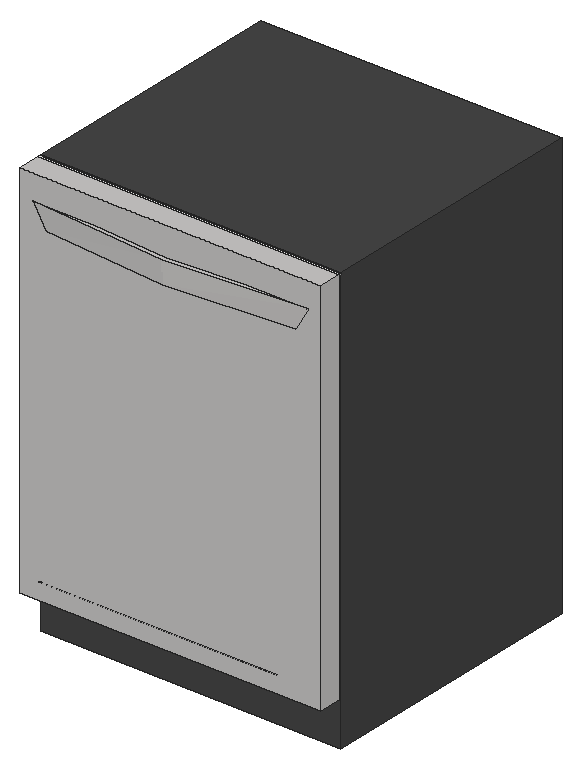
Revit family "M_Lavadora de louças", category Equipamento especial, Revit 2019
Family settings
  Cota do conector redondo = Utilizar diâmetro
  Tipo de parte = Normal
  Número OmniClass = 23.40.40.14
  Título OmniClass = Food Service Equipment
  Com base no plano de trabalho = Não
  Sempre na vertical = Sim
  Corte com vazios quando carregada = Não
  Compartilhado = Não
  Ponto de cálculo do ambiente = Não
Parameters (values of type "600mm")
  Largura = 600 mm
  Deslocamento de parede = 100 mm
  Voltagem = 120 V
  Mostrar legenda = yes
  Consumo de energia = 500 VA
  Legenda = "DW"
  Altura = 850 mm
  Junta = Eletrodoméstico – Junta
  Descrição = "Lavadora de louças"
  Linear = 600 mm
  Código de montagem = "E1090320"
  Acabamento do eletrodoméstico = Eletrodoméstico – Aço inoxidável
  Corpo do eletrodoméstico = Eletrodoméstico – Aço – Preto
  Amperagem = Consumo de energia / Voltagem  # 4.16667 A
Reference planes
  plane 1 "Parte posterior": y = 0
  plane 2: z = 0
  plane 3 "Centro (Esquerda/Direita)": x = 0
  plane 4 "Esquerda": x = -300
  plane 5 "Direita": x = 300
  plane 6: y = -100
  plane 7 "Parte frontal": y = -700
  plane 8 "Traseira da porta": y = -649.2
  plane 9 "Porta B.O.": z = 88.9
  plane 10 "Superior": z = 850
  plane 11: z = 799.2
Forms (mm)
  Extrusion 1, solid, material "Eletrodoméstico – Aço – Preto" <- "Corpo do eletrodoméstico"
    sketch origin (0, 0, 0) x (1, 0, 0) y (0, 1, 0)
      loop
        line (-300, -100) -> (-300, -649.2) -> (300, -649.2) -> (300, -100) -> (-300, -100)
    from 0 to 850
  Extrusion 2, solid, material "Eletrodoméstico – Aço inoxidável" <- "Acabamento do eletrodoméstico"
    sketch origin (0, -700, 0) x (-1, 0, 0) y (0, 0, 1)
      loop
        line (300, 850) -> (-300, 850) -> (-300, 88.9) -> (300, 88.9) -> (300, 850)
    from 0 to 44.45
  Sweep 3, solid, material "Eletrodoméstico – Junta" <- "Junta", detail levels fine
    path in 3D
      loop
        line (300, -655.55, 850) -> (300, -655.55, 88.9) -> (-300, -655.55, 88.9) -> (-300, -655.55, 850) -> (300, -655.55, 850)
    profile origin (0, -655.55, 850) x (0, 1, 0) y (0, 0, 1)
      loop
        arc (6.35, -3.175) -> (3.175, 0) -> (0, -3.175) r 3.175
        line (0, -3.175) -> (0, -6.35) -> (6.35, -6.35) -> (6.35, -3.175)
Lines and regions (mm)
  Split face 1
    outline origin (-300, -100, 0) x (1, 0, 0) y (0, 0, -1)
      loop
        circle (447.6, -662.675) r 50.8
  Split face 2
    outline origin (-300, -100, 0) x (1, 0, 0) y (0, 0, -1)
      loop
        circle (300, -88.9) r 25.4
  Masking region 1
    outline origin (0, 0, 0) x (1, 0, 0) y (0, 1, 0)
      loop
        line (-300, -100) -> (-300, -700) -> (300, -700) -> (300, -100) -> (-300, -100)
  Split face 3
    outline origin (-300, -100, 0) x (1, 0, 0) y (0, 0, -1)
      loop
        circle (154.305, -595.523) r 50.8
  symbolic lines, style "Eletrodomésticos"
    curve 1: line (-300, -700, 0) -> (-300, -100, 0)
    curve 2: line (300, -700, 0) -> (-300, -700, 0)
    curve 3: line (300, -100, 0) -> (300, -700, 0)
    curve 4: line (-300, -100, 0) -> (300, -100, 0)
    curve 5: line (-300, -649.2, 0) -> (300, -649.2, 0)
  sketch lines
    curve 6: line (-300, -655.55, 850) -> (300, -655.55, 850)
    curve 7: line (300, -655.55, 850) -> (300, -655.55, 88.9)
    curve 8: line (300, -655.55, 88.9) -> (-300, -655.55, 88.9)
    curve 9: line (-300, -655.55, 88.9) -> (-300, -655.55, 850)
  symbolic lines, style "Eletrodomésticos – Giro da planta", detail levels medium+fine
    curve 10: arc (0, -700, 850) -> (0, -1203.929, 609.55) -> (0, -1405.631, 88.9) r 756.458
    curve 11: line (0, -1405.631, 88.9) -> (0, -700, 88.9)
Dimensions and locks
  equal spacing: plane 4 "Esquerda", plane 3 "Centro (Esquerda/Direita)", plane 5 "Direita"
  "Largura": plane 4 "Esquerda" to plane 5 "Direita"
  "Linear": plane 6 to plane 7 "Parte frontal"
  "Deslocamento de parede": plane 1 "Parte posterior" to plane 6
  "Altura": plane 10 "Superior" to level
  plane 9 "Porta B.O." to level = 88.9 mm
  locked: plane 8 "Traseira da porta" to plane 7 "Parte frontal" at 50.8
  locked: plane 5 "Direita" to Split face 1 sketch curve at 152.4
  equal spacing: plane 6, nested 1, plane 8 "Traseira da porta"
  locked: plane 10 "Superior" to Sweep 3 sketch curve at 6.35
  locked: plane 8 "Traseira da porta" to Sweep 3 sketch curve at 6.35
  locked: plane 10 "Superior" to plane 11 at 50.8
  aligned and locked: plane 2 to level
  aligned and locked: Extrusion 1 sketch curve to plane 6
  aligned and locked: plane 4 "Esquerda" to Extrusion 1 sketch curve
  aligned and locked: plane 8 "Traseira da porta" to Extrusion 1 sketch curve
  aligned and locked: Extrusion 1 sketch curve to plane 5 "Direita"
  aligned and locked: plane 3 "Centro (Esquerda/Direita)" to Split face 2 sketch curve
  aligned and locked: plane 9 "Porta B.O." to Split face 2 sketch curve
  aligned and locked: plane 4 "Esquerda" to Extrusion 2 sketch curve
  aligned and locked: Extrusion 2 sketch curve to plane 5 "Direita"
  aligned and locked: plane 9 "Porta B.O." to Extrusion 2 sketch curve
  aligned and locked: curve 5 to plane 8 "Traseira da porta"
  aligned and locked: plane 3 "Centro (Esquerda/Direita)" to nested 1
  aligned and locked: Masking region 1 sketch curve to plane 6
  aligned and locked: plane 4 "Esquerda" to Masking region 1 sketch curve
  aligned and locked: Masking region 1 sketch curve to plane 5 "Direita"
  aligned and locked: Extrusion 2 sketch curve to plane 10 "Superior"
  aligned and locked: plane 3 "Centro (Esquerda/Direita)" to nested 2
  aligned and locked: plane 11 to nested 2
  aligned and locked: plane 7 "Parte frontal" to Masking region 1 sketch curve
  aligned and locked: plane 8 "Traseira da porta" to Sweep 3 sketch curve
  aligned and locked: plane 10 "Superior" to Extrusion 1
Automatic sketch dimensions
  Sweep 3 sketch curve to Sweep 3 sketch curve = 3.175 mm
  Split face 1 sketch curve to Extrusion 1 = 187.325 mm
  curve 3 to plane 5 "Direita" = 0 mm
  curve 3 to plane 6 = 0 mm
  curve 1 to plane 4 "Esquerda" = 0 mm
  curve 1 to plane 7 "Parte frontal" = 0 mm
  curve 11 to plane 7 "Parte frontal" = 0 mm
  curve 10 to plane 8 "Traseira da porta" = 0 mm
  plane 9 "Porta B.O." to curve 10 = 6.35 mm
  curve 10 to plane 7 "Parte frontal" = 0 mm
  curve 10 to plane 10 "Superior" = 0 mm
  curve 10 to plane 9 "Porta B.O." = 0 mm
  Split face 3 sketch curve to Extrusion 1 = 154.305 mm
  Split face 3 sketch curve to Extrusion 1 = 254.477 mm
  radius of Split face 1 sketch curve = 50.8 mm
  radius of Split face 2 sketch curve = 25.4 mm
  radius of Split face 3 sketch curve = 50.8 mm
Nested families
  nested 1: "Anotação de legenda de 2,5" at (0, -374.6, 0), visible <- "Mostrar legenda", type "Anotação de legenda de 2,5"
  nested 2: "M_Puxador" at (0, -700, 799.2) x (0, 0, 1) z (0, -1, 0), type "M_Puxador"
Connectors
  electrical at (147.6, -100, 662.675), driven by "Voltagem", driven by "Consumo de energia"
    settings: on Extrusion 1, index 1, voltage 120 V, apparent load 500 VA, apparent load phase1 0 VA, apparent load phase2 0 VA, apparent load phase3 0 VA, power factor 1, load classification "Eletrodoméstico", number of poles 1, system type 30, power factor state 1, is connector primary yes, connector utility no, sub classification motor no, connector description "Potência da lavadora de louças"
  piping at (0, -100, 88.9), diameter 12.7
    settings: on Extrusion 1, index 2, connector inside diameter 609.6 mm, connector length 0 mm, flow factor 0, pipe flow 0.0 L/s, pressure drop 0.0 Pa, fitting loss kfactor 0, connector angle 0.00°, fixture units 1, engagement length 0 mm, angle of deflection 0.00°, flow configuration 3, flow direction 1, fitting loss method 0, system type 19, joint type 0, gender type 0, connector reference index -1, connector utility 0, adjustable connector no, is connector primary yes, connector description "Lavadora de louças – Suprimento de água"
  piping at (-145.695, -100, 595.523), diameter 25.4
    settings: on Extrusion 1, index 3, connector inside diameter 609.6 mm, connector length 0 mm, flow factor 0, pipe flow 0.0 L/s, pressure drop 0.0 Pa, fitting loss kfactor 0, connector angle 0.00°, fixture units 1, engagement length 0 mm, angle of deflection 0.00°, flow configuration 3, flow direction 2, fitting loss method 0, system type 16, joint type 0, gender type 0, connector reference index -1, connector utility 0, adjustable connector yes, is connector primary no, connector description "Lavadora de louças – Dreno"
Definition of nested family "M_Puxador"
  Parameters (values of type "Puxador")
    Material = none
    Altura = 550 mm
    Default Elevation = 1200 mm
  Reference planes
    plane 1 "Centro (Frente/Trás)": y = 0
    plane 2: z = 0
    plane 3 "Centro (Esquerda/Direita)": x = 0
    plane 4: y = 275
    plane 5: y = -275
    plane 6: x = -44.45
    plane 7: y = 249.6
    plane 8: y = -249.6
    plane 9: z = 44.45
  Forms (mm)
    Blend 1, solid, material <- "Material", detail levels fine
      base sketch origin (0, 0, 0) x (0, 1, 0) y (0, 0, 1)
        loop
          line (-275, 0) -> (-173.4, 0)
          arc (-173.4, 0) -> (0, 11.609) -> (173.4, 0) r 1300.799
          line (173.4, 0) -> (275, 0)
          arc (275, 0) -> (0, 21.829) -> (-275, 0) r 1743.133
      top sketch origin (0, 0, 0) x (0, 1, 0) y (0, 0, 1)
        loop
          line (-249.6, 0) -> (-173.4, 0)
          arc (-173.4, 0) -> (0, 11.609) -> (173.4, 0) r 1300.799
          line (173.4, 0) -> (249.6, 0)
          arc (249.6, 0) -> (0, 20.576) -> (-249.6, 0) r 1524.166
      from 0 to -44.45
  Lines and regions (mm)
    Masking region 1, detail levels fine
      outline origin (0, 0, 0) x (0, 1, 0) y (0, 0, 1)
        loop
          arc (275, 0) -> (0, 21.829) -> (-275, 0) r 1743.133
          line (-275, 0) -> (-173.4, 0)
          arc (-173.4, 0) -> (0, 11.609) -> (173.4, 0) r 1300.799
          line (173.4, 0) -> (275, 0)
  Dimensions and locks
    locked: plane 6 to plane 3 "Centro (Esquerda/Direita)" at 44.45
    equal spacing: plane 4, plane 1 "Centro (Frente/Trás)", plane 5
    "Altura": plane 4 to plane 5
    locked: plane 8 to plane 5 at 25.4
    locked: plane 4 to plane 7 at 25.4
    plane 9 to level = 44.45 mm
    aligned and locked: level to plane 2
    aligned and locked: Blend 1 to plane 6
    aligned and locked: plane 3 "Centro (Esquerda/Direita)" to Blend 1
    aligned and locked: Masking region 1 sketch curve to Blend 1  (x4)
  Automatic sketch dimensions
    Blend 1 sketch curve to plane 8 = 0 mm
    Blend 1 sketch curve to level = 0 mm  (x4)
    Blend 1 sketch curve to plane 1 "Centro (Frente/Trás)" = 0 mm  (x4)
    Blend 1 sketch curve to level = 1289.19 mm  (x2)
    Blend 1 sketch curve to Blend 1 sketch curve = 214.399 mm
    plane 8 to Blend 1 sketch curve = 76.2 mm  (x2)
    Blend 1 sketch curve to plane 5 = 0 mm
    Blend 1 sketch curve to Blend 1 sketch curve = 432.113 mm
Definition of nested family "Anotação de legenda de 2,5"
  Parameters
    Legenda = "Congelador 36 LH"
  Reference planes
    plane 1: y = 0
    plane 2: x = 0
  Text (mm)
    label "Legenda" at (0.095, -0.088, 0), shows "Legenda"
